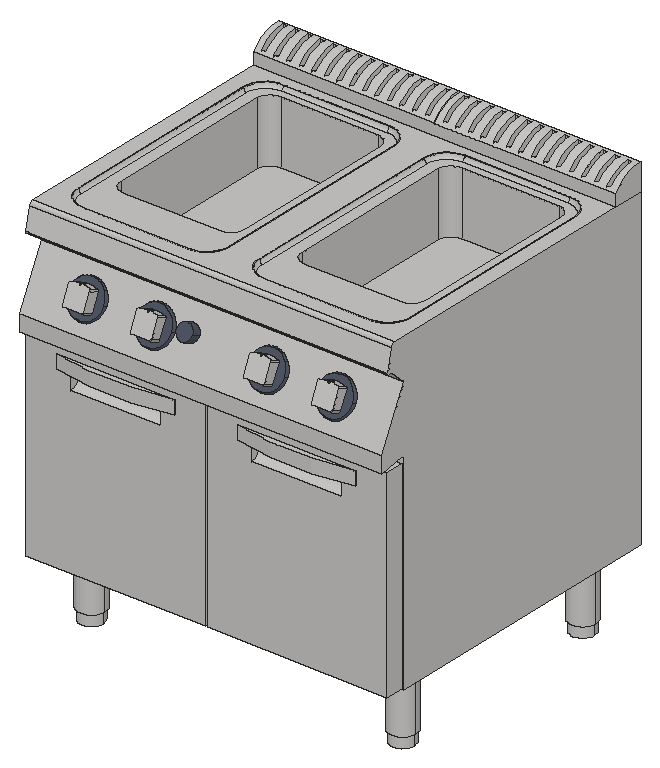
Revit family "QF_ZANUSSI_372351_Z7OOBSBAME", category Specialty Equipment, Revit 2018
Family settings
  Round Connector Dimension = Use Diameter
  Part Type = Normal
  Work Plane-Based = No
  Always vertical = Yes
  Cut with Voids When Loaded = No
  Shared = No
  Room Calculation Point = No
Parameters
  Width = 800 mm  # constant formula
  Weight in Pounds = 110  # constant formula
  Weight = 0.00 kg
  Watts = 0 W
  Waste Water Discharge Temperature [instance] = -459.67 °F
  Volts = 0 V
  URL Manufacturer = "http://www.zanussiprofessional.com"
  URL Cutsheet = "www.electrolux.com/foodservice"
  URL = "http://www.zanussiprofessional.com"
  Type Mark [instance] = ""
  Steam Supply Size = 0"
  Steam Supply Minimum Pressure = 0.00 psi
  Steam Supply Maximum Pressure = 0.00 psi
  Steam Pounds per Hour = 0
  Status [instance] = ""
  Specification by User [instance] = ""
  Specification by Manufacturer = ""
  Show Logo [instance] = yes
  Show Clearance [instance] = yes
  Serial Number = ""
  Seismic Rating = ""
  SMACNA No = ""
  Revision Code [instance] = ""
  Refrigeration Suction Line Size = 0"
  Refrigeration Liquid Line Size = 0"
  Refrigerant Compressor Remote = yes
  Plumbing Remarks [instance] = ""
  Plumbing Connection Type [instance] = ""
  Phase = 0
  Omniclass Number and Title = ""
  NAFEM Spec ID Number = ""
  Model = "Z7PCGH2KF0"
  Mechanical Remarks [instance] = ""
  Mechanical Connection Type [instance] = ""
  Masterspec = ""
  Manufacturer = "Zanussi"
  Length Actual = 800 mm  # constant formula
  Item Number [instance] = "372091"
  Installed By [instance] = ""
  Indirect Waste Size = 1"  # constant formula
  Indirect Waste Flow [instance] = 0 GPM
  Indirect Waste Connection Type [instance] = ""
  Indirect Waste Connection Height = 0 mm
  Identify Quantity as Lot [instance] = yes
  Hot Water Size = 0"
  Height Actual = 850 mm  # constant formula
  Height = 333 mm  # constant formula
  HP = "0 HP"
  Gas Size = 1/2"  # constant formula
  Gas RI Height [instance] = 0 mm
  Gas KW [instance] = 21  # constant formula
  Gas Input [instance] = 71589.0 Btu/h  # constant formula
  Gas Connection Height = 0 mm
  Furnished By [instance] = ""
  Foodservice Equipment Identifier [instance] = yes
  Direct Waste Size = 1"
  Description = "2-WELL GAS PASTA COOKER 2X24,5 LT 800 MM"
  Depth Actual = 700 mm  # constant formula
  Depth = 715 mm  # constant formula
  Cycle = 0 Hz
  Condensate Return Size = 0"
  Compressed Air Volume = 0 GPM
  Compressed Air Size = 0"
  Compressed Air Pressure = 0.00 psi
  Cold Water Temperature Recommended [instance] = -459.67 °F
  Cold Water Size = 1/2"  # constant formula
  Cold Water RI Height [instance] = 0 mm
  Cold Water Minimum Pressure [instance] = 0.00 psi
  Cold Water Maximum Pressure [instance] = 0.00 psi
  Cold Water Flow [instance] = 0 GPM
  Cold Water Consumption [instance] = ""
  Cold Water Connection Height = 0 mm
  CSI MasterFormat = ""
  CSI Master Format = ""
  Base Height [instance] = 150 mm  # constant formula
  Accessory = yes
Reference planes
  plane 1 "BACK": y = 0
  plane 2: z = 0
  plane 3 "LEFT": x = 0
  plane 4 "RIGHT": x = 800
  plane 5 "FRONT": y = -715
  plane 6 "TOP": z = 908
  plane 7 "Center Y": x = 400
  plane 8 "Center X": y = -357.5
  plane 9 "BASE": z = 600
  plane 10 "TOP A": z = 850
  plane 11: y = -597.884
  plane 12: y = -147.637
  plane 13: z = 938
  plane 14: z = 150
Forms (mm)
  Extrusion 1, solid, material "QF_Finishes_Stainless Steel"
    sketch origin (0, 0, 0) x (0, 1, 0) y (0, 0, 1)
      loop
        line (0, 850) -> (-679.358, 850)
        arc (-679.358, 850) -> (-684.643, 847.811) -> (-686.833, 842.526) r 7.474
        line (-686.833, 842.526) -> (-699.884, 797.011)
        arc (-699.884, 797.011) -> (-699.396, 794.379) -> (-697, 793.184) r 3
        line (-697, 793.184) -> (-686.802, 793.184) -> (-654.982, 761.364) -> (-715, 640.508) -> (-715, 605.508) -> (-658.645, 613.428)
        arc (-658.645, 613.428) -> (-656.101, 612.674) -> (-655, 610.259) r 3.2
        line (-655, 610.259) -> (-655, 150) -> (0, 150) -> (0, 850)
      loop
        line (-700, 600) -> (-700, 155) -> (-660, 155) -> (-660, 600) -> (-700, 600)
    from 0 to 800
  Extrusion 2, solid, material "QF_Finishes_Stainless Steel"
    sketch origin (0, 0, 0) x (0, 1, 0) y (0, 0, 1)
      loop
        line (0, 850) -> (0, 908)
        arc (0, 908) -> (-38.715, 899.821) -> (-69.85, 875.4) r 87.358
        line (-69.85, 875.4) -> (-69.85, 850) -> (0, 850)
    from 0 to 800
  Extrusion 3, void
    sketch origin (0, 0, 850) x (-1, 0, 0) y (0, -1, 0)
      loop
        arc (-316.662, 645.265) -> (-352.018, 630.62) -> (-366.662, 595.265) r 50
        line (-366.662, 595.265) -> (-366.662, 140.124)
        arc (-366.662, 140.124) -> (-352.018, 104.769) -> (-316.662, 90.124) r 50
        line (-316.662, 90.124) -> (-83.338, 90.124)
        arc (-83.338, 90.124) -> (-47.982, 104.769) -> (-33.338, 140.124) r 50
        line (-33.338, 140.124) -> (-33.338, 595.265)
        arc (-33.338, 595.265) -> (-47.982, 630.62) -> (-83.338, 645.265) r 50
        line (-83.338, 645.265) -> (-316.662, 645.265)
      loop
        line (-483.337, 645.265) -> (-716.662, 645.265)
        arc (-716.662, 645.265) -> (-752.018, 630.62) -> (-766.662, 595.265) r 50
        line (-766.662, 595.265) -> (-766.662, 140.124)
        arc (-766.662, 140.124) -> (-752.018, 104.769) -> (-716.662, 90.124) r 50
        line (-716.662, 90.124) -> (-483.337, 90.124)
        arc (-483.337, 90.124) -> (-447.982, 104.769) -> (-433.337, 140.124) r 50
        line (-433.337, 140.124) -> (-433.337, 595.265)
        arc (-433.337, 595.265) -> (-447.982, 630.62) -> (-483.337, 645.265) r 50
    from 0 to -152.4
  Extrusion 4, void
    sketch origin (0, 0, 850) x (-1, 0, 0) y (0, -1, 0)
      loop
        line (-13.453, 6.761) -> (-13.453, 63.911) -> (-22.749, 63.911) -> (-22.749, 6.761) -> (-13.453, 6.761)
    from 25.4 to 63.5
  Extrusion 5, solid, material "QF_Finishes_Clearance", visible <- "Show Clearance", detail levels coarse
    sketch origin (0, 0, 0) x (1, 0, 0) y (0, 1, 0)
      loop
        line (0, -715) -> (0, 0) -> (800, 0) -> (800, -715) -> (950.019, -715) -> (950.019, 150.019) -> (-150.019, 150.019) -> (-150.019, -715) -> (0, -715)
    from 0 to 908
  Extrusion 6, void
    sketch origin (361.95, 0, 850) x (-1, 0, 0) y (0, -1, 0)
      loop
        line (-13.403, 6.761) -> (-13.403, 63.911) -> (-22.699, 63.911) -> (-22.699, 6.761) -> (-13.403, 6.761)
    from 25.4 to 63.5
  Extrusion 7, void
    sketch origin (27.842, 0, 850) x (-1, 0, 0) y (0, -1, 0)
      loop
        line (-13.453, 6.761) -> (-13.453, 63.911) -> (-22.749, 63.911) -> (-22.749, 6.761) -> (-13.453, 6.761)
    from 25.4 to 63.5
  Extrusion 8, void
    sketch origin (55.685, 0, 850) x (-1, 0, 0) y (0, -1, 0)
      loop
        line (-13.453, 6.761) -> (-13.453, 63.911) -> (-22.749, 63.911) -> (-22.749, 6.761) -> (-13.453, 6.761)
    from 25.4 to 63.5
  Extrusion 9, void
    sketch origin (83.527, 0, 850) x (-1, 0, 0) y (0, -1, 0)
      loop
        line (-13.453, 6.761) -> (-13.453, 63.911) -> (-22.749, 63.911) -> (-22.749, 6.761) -> (-13.453, 6.761)
    from 25.4 to 63.5
  Extrusion 10, void
    sketch origin (111.369, 0, 850) x (-1, 0, 0) y (0, -1, 0)
      loop
        line (-13.453, 6.761) -> (-13.453, 63.911) -> (-22.749, 63.911) -> (-22.749, 6.761) -> (-13.453, 6.761)
    from 25.4 to 63.5
  Extrusion 11, void
    sketch origin (139.212, 0, 850) x (-1, 0, 0) y (0, -1, 0)
      loop
        line (-13.453, 6.761) -> (-13.453, 63.911) -> (-22.749, 63.911) -> (-22.749, 6.761) -> (-13.453, 6.761)
    from 25.4 to 63.5
  Extrusion 12, void
    sketch origin (167.054, 0, 850) x (-1, 0, 0) y (0, -1, 0)
      loop
        line (-13.453, 6.761) -> (-13.453, 63.911) -> (-22.749, 63.911) -> (-22.749, 6.761) -> (-13.453, 6.761)
    from 25.4 to 63.5
  Extrusion 13, void
    sketch origin (194.896, 0, 850) x (-1, 0, 0) y (0, -1, 0)
      loop
        line (-13.403, 6.761) -> (-13.403, 63.911) -> (-22.699, 63.911) -> (-22.699, 6.761) -> (-13.403, 6.761)
    from 25.4 to 63.5
  Extrusion 14, void
    sketch origin (222.738, 0, 850) x (-1, 0, 0) y (0, -1, 0)
      loop
        line (-13.403, 6.761) -> (-13.403, 63.911) -> (-22.699, 63.911) -> (-22.699, 6.761) -> (-13.403, 6.761)
    from 25.4 to 63.5
  Extrusion 15, void
    sketch origin (250.581, 0, 850) x (-1, 0, 0) y (0, -1, 0)
      loop
        line (-13.403, 6.761) -> (-13.403, 63.911) -> (-22.699, 63.911) -> (-22.699, 6.761) -> (-13.403, 6.761)
    from 25.4 to 63.5
  Extrusion 16, void
    sketch origin (278.423, 0, 850) x (-1, 0, 0) y (0, -1, 0)
      loop
        line (-13.403, 6.761) -> (-13.403, 63.911) -> (-22.699, 63.911) -> (-22.699, 6.761) -> (-13.403, 6.761)
    from 25.4 to 63.5
  Extrusion 17, void
    sketch origin (306.265, 0, 850) x (-1, 0, 0) y (0, -1, 0)
      loop
        line (-13.403, 6.761) -> (-13.403, 63.911) -> (-22.699, 63.911) -> (-22.699, 6.761) -> (-13.403, 6.761)
    from 25.4 to 63.5
  Extrusion 18, void
    sketch origin (334.108, 0, 850) x (-1, 0, 0) y (0, -1, 0)
      loop
        line (-13.403, 6.761) -> (-13.403, 63.911) -> (-22.699, 63.911) -> (-22.699, 6.761) -> (-13.403, 6.761)
    from 25.4 to 63.5
  Extrusion 19, void
    sketch origin (800.1, 0, 850) x (1, 0, 0) y (0, 1, 0)
      loop
        line (-13.553, -6.761) -> (-22.849, -6.761) -> (-22.849, -63.911) -> (-13.553, -63.911) -> (-13.553, -6.761)
    from 25.4 to 63.5
  Extrusion 20, void
    sketch origin (438.15, 0, 850) x (1, 0, 0) y (0, 1, 0)
      loop
        line (-13.503, -6.761) -> (-22.799, -6.761) -> (-22.799, -63.911) -> (-13.503, -63.911) -> (-13.503, -6.761)
    from 25.4 to 63.5
  Extrusion 21, void
    sketch origin (772.258, 0, 850) x (1, 0, 0) y (0, 1, 0)
      loop
        line (-13.553, -6.761) -> (-22.849, -6.761) -> (-22.849, -63.911) -> (-13.553, -63.911) -> (-13.553, -6.761)
    from 25.4 to 63.5
  Extrusion 22, void
    sketch origin (744.415, 0, 850) x (1, 0, 0) y (0, 1, 0)
      loop
        line (-13.553, -6.761) -> (-22.849, -6.761) -> (-22.849, -63.911) -> (-13.553, -63.911) -> (-13.553, -6.761)
    from 25.4 to 63.5
  Extrusion 23, void
    sketch origin (716.573, 0, 850) x (1, 0, 0) y (0, 1, 0)
      loop
        line (-13.553, -6.761) -> (-22.849, -6.761) -> (-22.849, -63.911) -> (-13.553, -63.911) -> (-13.553, -6.761)
    from 25.4 to 63.5
  Extrusion 24, void
    sketch origin (688.731, 0, 850) x (1, 0, 0) y (0, 1, 0)
      loop
        line (-13.553, -6.761) -> (-22.849, -6.761) -> (-22.849, -63.911) -> (-13.553, -63.911) -> (-13.553, -6.761)
    from 25.4 to 63.5
  Extrusion 25, void
    sketch origin (660.888, 0, 850) x (1, 0, 0) y (0, 1, 0)
      loop
        line (-13.553, -6.761) -> (-22.849, -6.761) -> (-22.849, -63.911) -> (-13.553, -63.911) -> (-13.553, -6.761)
    from 25.4 to 63.5
  Extrusion 26, void
    sketch origin (633.046, 0, 850) x (1, 0, 0) y (0, 1, 0)
      loop
        line (-13.553, -6.761) -> (-22.849, -6.761) -> (-22.849, -63.911) -> (-13.553, -63.911) -> (-13.553, -6.761)
    from 25.4 to 63.5
  Extrusion 27, void
    sketch origin (605.204, 0, 850) x (1, 0, 0) y (0, 1, 0)
      loop
        line (-13.503, -6.761) -> (-22.799, -6.761) -> (-22.799, -63.911) -> (-13.503, -63.911) -> (-13.503, -6.761)
    from 25.4 to 63.5
  Extrusion 28, void
    sketch origin (577.362, 0, 850) x (1, 0, 0) y (0, 1, 0)
      loop
        line (-13.503, -6.761) -> (-22.799, -6.761) -> (-22.799, -63.911) -> (-13.503, -63.911) -> (-13.503, -6.761)
    from 25.4 to 63.5
  Extrusion 29, void
    sketch origin (549.519, 0, 850) x (1, 0, 0) y (0, 1, 0)
      loop
        line (-13.503, -6.761) -> (-22.799, -6.761) -> (-22.799, -63.911) -> (-13.503, -63.911) -> (-13.503, -6.761)
    from 25.4 to 63.5
  Extrusion 30, void
    sketch origin (521.677, 0, 850) x (1, 0, 0) y (0, 1, 0)
      loop
        line (-13.503, -6.761) -> (-22.799, -6.761) -> (-22.799, -63.911) -> (-13.503, -63.911) -> (-13.503, -6.761)
    from 25.4 to 63.5
  Extrusion 31, void
    sketch origin (493.835, 0, 850) x (1, 0, 0) y (0, 1, 0)
      loop
        line (-13.503, -6.761) -> (-22.799, -6.761) -> (-22.799, -63.911) -> (-13.503, -63.911) -> (-13.503, -6.761)
    from 25.4 to 63.5
  Extrusion 32, void
    sketch origin (465.992, 0, 850) x (1, 0, 0) y (0, 1, 0)
      loop
        line (-13.503, -6.761) -> (-22.799, -6.761) -> (-22.799, -63.911) -> (-13.503, -63.911) -> (-13.503, -6.761)
    from 25.4 to 63.5
  Extrusion 33, void
    sketch origin (418.151, 0, 850) x (1, 0, 0) y (0, 1, 0)
      loop
        line (-16.563, 0) -> (-19.738, 0) -> (-19.738, -69.85) -> (-16.563, -69.85) -> (-16.563, 0)
    from 25.4 to 63.5
  Revolve 34, solid, material "QF_Finishes_Stainless Steel"
    sketch origin (0, -587.387, 608.09) x (0, 0, 1) y (-1, 0, 0)
      loop
        line (-608.09, -56) -> (-458.09, -56) -> (-458.09, -26) -> (-583.09, -26) -> (-583.09, -29.75) -> (-608.09, -29.75) -> (-608.09, -56)
      axis (-608.09, -56) -> (-458.09, -56)
    angle from 0 to 360
  Revolve 35, solid, material "QF_Finishes_Stainless Steel"
    sketch origin (0, -90, 608.09) x (0, 0, 1) y (-1, 0, 0)
      loop
        line (-608.09, -56) -> (-458.09, -56) -> (-458.09, -26) -> (-583.09, -26) -> (-583.09, -29.75) -> (-608.09, -29.75) -> (-608.09, -56)
      axis (-608.09, -56) -> (-458.09, -56)
    angle from 0 to 360
  Revolve 36, solid, material "QF_Finishes_Stainless Steel"
    sketch origin (800.1, -587.387, 608.09) x (0, 0, 1) y (-1, 0, 0)
      loop
        line (-608.09, 56.1) -> (-608.09, 29.85) -> (-583.09, 29.85) -> (-583.09, 26.1) -> (-458.09, 26.1) -> (-458.09, 56.1) -> (-608.09, 56.1)
      axis (-608.09, 56.1) -> (-458.09, 56.1)
    angle from 0 to 360
  Revolve 37, solid, material "QF_Finishes_Stainless Steel"
    sketch origin (800.1, -90, 608.09) x (0, 0, 1) y (-1, 0, 0)
      loop
        line (-608.09, 56.1) -> (-608.09, 29.85) -> (-583.09, 29.85) -> (-583.09, 26.1) -> (-458.09, 26.1) -> (-458.09, 56.1) -> (-608.09, 56.1)
      axis (-608.09, 56.1) -> (-458.09, 56.1)
    angle from 0 to 360
  Extrusion 38, solid, material "QF_Finishes_Stainless Steel"
    sketch origin (-77.88, -4572, 150) x (-1, 0, 0) y (0, -1, 0)
      loop
        circle (-142.88, -4069) r 6.35
      loop
        circle (-709.88, -3991) r 12.7
      loop
        circle (-812.88, -4071) r 6.35
      loop
        circle (-309.88, -3991) r 12.7
    from 0 to -12.7
  Extrusion 39, solid, material "QF_Finishes_Stainless Steel"
    sketch origin (-77.88, -4572, 850) x (-1, 0, 0) y (0, -1, 0)
      loop
        line (-111.217, -4431.876) -> (-111.217, -3976.735)
        arc (-111.217, -3976.735) -> (-125.862, -3941.38) -> (-161.217, -3926.735) r 50
        line (-161.217, -3926.735) -> (-394.542, -3926.735)
        arc (-394.542, -3926.735) -> (-429.897, -3941.38) -> (-444.542, -3976.735) r 50
        line (-444.542, -3976.735) -> (-444.542, -4431.876)
        arc (-444.542, -4431.876) -> (-429.897, -4467.231) -> (-394.542, -4481.876) r 50
        line (-394.542, -4481.876) -> (-161.217, -4481.876)
        arc (-161.217, -4481.876) -> (-125.862, -4467.231) -> (-111.217, -4431.876) r 50
      loop
        arc (-414.542, -4431.876) -> (-405.755, -4453.089) -> (-384.542, -4461.876) r 30
        line (-384.542, -4461.876) -> (-171.217, -4461.876)
        arc (-171.217, -4461.876) -> (-150.004, -4453.089) -> (-141.217, -4431.876) r 30
        line (-141.217, -4431.876) -> (-141.217, -4056.735)
        arc (-141.217, -4056.735) -> (-150.004, -4035.522) -> (-171.217, -4026.735) r 30
        line (-171.217, -4026.735) -> (-384.542, -4026.735)
        arc (-384.542, -4026.735) -> (-405.755, -4035.522) -> (-414.542, -4056.735) r 30
        line (-414.542, -4056.735) -> (-414.542, -4431.876)
      loop
        arc (-844.542, -4431.876) -> (-829.897, -4467.231) -> (-794.542, -4481.876) r 50
        line (-794.542, -4481.876) -> (-561.217, -4481.876)
        arc (-561.217, -4481.876) -> (-525.862, -4467.231) -> (-511.217, -4431.876) r 50
        line (-511.217, -4431.876) -> (-511.217, -3976.735)
        arc (-511.217, -3976.735) -> (-525.862, -3941.38) -> (-561.217, -3926.735) r 50
        line (-561.217, -3926.735) -> (-794.542, -3926.735)
        arc (-794.542, -3926.735) -> (-829.897, -3941.38) -> (-844.542, -3976.735) r 50
        line (-844.542, -3976.735) -> (-844.542, -4431.876)
      loop
        line (-541.217, -4431.876) -> (-541.217, -4056.735)
        arc (-541.217, -4056.735) -> (-550.004, -4035.522) -> (-571.217, -4026.735) r 30
        line (-571.217, -4026.735) -> (-784.542, -4026.735)
        arc (-784.542, -4026.735) -> (-805.755, -4035.522) -> (-814.542, -4056.735) r 30
        line (-814.542, -4056.735) -> (-814.542, -4431.876)
        arc (-814.542, -4431.876) -> (-805.755, -4453.089) -> (-784.542, -4461.876) r 30
        line (-784.542, -4461.876) -> (-571.217, -4461.876)
        arc (-571.217, -4461.876) -> (-550.004, -4453.089) -> (-541.217, -4431.876) r 30
    from -12.7 to -152.4
  Sweep 40, solid, material "QF_Finishes_Stainless Steel"
    path origin (-77.88, -4572, 850) x (-1, 0, 0) y (0, -1, 0)
      loop
        line (-111.217, -4431.876) -> (-111.217, -3976.735)
        arc (-111.217, -3976.735) -> (-125.862, -3941.38) -> (-161.217, -3926.735) r 50
        line (-161.217, -3926.735) -> (-394.542, -3926.735)
        arc (-394.542, -3926.735) -> (-429.897, -3941.38) -> (-444.542, -3976.735) r 50
        line (-444.542, -3976.735) -> (-444.542, -4431.876)
        arc (-444.542, -4431.876) -> (-429.897, -4467.231) -> (-394.542, -4481.876) r 50
        line (-394.542, -4481.876) -> (-161.217, -4481.876)
        arc (-161.217, -4481.876) -> (-125.862, -4467.231) -> (-111.217, -4431.876) r 50
    profile origin (33.338, -367.694, 850) x (1, 0, 0) y (0, 0, 1)
      loop
        line (0, 0) -> (0, -10.84) -> (5.055, -10.84)
        arc (5.055, -10.84) -> (1.326, -5.98) -> (0, 0) r 14.151
  Sweep 41, solid, material "QF_Finishes_Stainless Steel"
    path origin (877.98, -4572, 850) x (1, 0, 0) y (0, 1, 0)
      loop
        arc (-111.317, 4431.876) -> (-125.962, 4467.231) -> (-161.317, 4481.876) r 50
        line (-161.317, 4481.876) -> (-394.642, 4481.876)
        arc (-394.642, 4481.876) -> (-429.997, 4467.231) -> (-444.642, 4431.876) r 50
        line (-444.642, 4431.876) -> (-444.642, 3976.735)
        arc (-444.642, 3976.735) -> (-429.997, 3941.38) -> (-394.642, 3926.735) r 50
        line (-394.642, 3926.735) -> (-161.317, 3926.735)
        arc (-161.317, 3926.735) -> (-125.962, 3941.38) -> (-111.317, 3976.735) r 50
        line (-111.317, 3976.735) -> (-111.317, 4431.876)
    profile origin (766.662, -367.694, 850) x (1, 0, 0) y (0, 0, 1)
      loop
        arc (0, 0) -> (-1.326, -5.98) -> (-5.055, -10.84) r 14.151
        line (-5.055, -10.84) -> (0, -10.84) -> (0, 0)
  Extrusion 42, void
    sketch origin (200, -27.863, 0) x (0, 1, 0) y (0, 0, 1)
      loop
        line (-672.137, 567) -> (-672.137, 517)
        arc (-672.137, 517) -> (-656.47, 524.721) -> (-650.137, 541) r 24.091
        line (-650.137, 541) -> (-650.137, 567) -> (-672.137, 567)
    from -100 to 100
  Extrusion 43, solid, material "QF_Finishes_Stainless Steel"
    sketch origin (-77.88, -4572, 150) x (-1, 0, 0) y (0, -1, 0)
      loop
        arc (-147.606, -3871.085) -> (-277.88, -3857) -> (-408.153, -3871.085) r 609.497
        line (-408.153, -3871.085) -> (-408.153, -3872) -> (-147.606, -3872) -> (-147.606, -3871.085)
    from 400 to 430
  Extrusion 44, void
    sketch origin (600, -27.863, 0) x (0, 1, 0) y (0, 0, 1)
      loop
        line (-672.137, 567) -> (-672.137, 517)
        arc (-672.137, 517) -> (-656.47, 524.721) -> (-650.137, 541) r 24.091
        line (-650.137, 541) -> (-650.137, 567) -> (-672.137, 567)
    from -100 to 100
  Extrusion 45, solid, material "QF_Finishes_Stainless Steel"
    sketch origin (322.12, -4572, 150) x (-1, 0, 0) y (0, -1, 0)
      loop
        arc (-147.606, -3871.085) -> (-277.88, -3857) -> (-408.153, -3871.085) r 609.497
        line (-408.153, -3871.085) -> (-408.153, -3872) -> (-147.606, -3872) -> (-147.606, -3871.085)
    from 400 to 430
  Extrusion 46, solid, material "QF_Finishes_Door Clearance", visible <- "Show Clearance", detail levels coarse
    sketch origin (0, 0, 850) x (-1, 0, 0) y (0, -1, 0)
      loop
        arc (0, 1073) -> (-280.596, 964.46) -> (-397.87, 687.4) r 385.701
        line (-397.87, 687.4) -> (0, 687.4) -> (0, 1073)
      loop
        line (-800, 1073) -> (-800, 687.4) -> (-402.13, 687.4)
        arc (-402.13, 687.4) -> (-519.404, 964.46) -> (-800, 1073) r 385.701
    from -695 to -250
  Extrusion 47, solid, material "QF_Plastic-Black-Matte"
    sketch origin (467.5, -684.991, 700.936) x (0, 0.444781, 0.895639) y (0, 0.895639, -0.444781)
      loop
        line (26.984, -34) -> (23.984, -34) -> (23.984, -35) -> (26.984, -35)
        arc (26.984, -35) -> (27.691, -34.707) -> (27.984, -34) r 1
        line (27.984, -34) -> (27.984, -19) -> (26.984, -19) -> (26.984, -34)
    from -58.5 to -56.5
  Extrusion 48, solid, material "QF_Finishes_Stainless Steel"
    sketch origin (525, -684.991, 700.936) x (-1, 0, 0) y (0, -0.444781, -0.895639)
      loop
        line (17.5, -17.5) -> (17.5, 17.5) -> (-17.5, 17.5) -> (-17.5, -17.5) -> (17.5, -17.5)
    from 5 to 10
  Extrusion 49, solid, material "QF_Finishes_Stainless Steel"
    sketch origin (525, -684.991, 700.936) x (-1, 0, 0) y (0, -0.444781, -0.895639)
      loop
        arc (-21.147, -22.789) -> (0, -26.984) -> (21.147, -22.789) r 55.4
        arc (21.147, -22.789) -> (22.494, -21.685) -> (23, -20.019) r 2.997
        line (23, -20.019) -> (23, 20.019)
        arc (23, 20.019) -> (22.122, 22.138) -> (20.003, 23.016) r 2.997
        line (20.003, 23.016) -> (-20.003, 23.016)
        arc (-20.003, 23.016) -> (-22.122, 22.138) -> (-23, 20.019) r 2.997
        line (-23, 20.019) -> (-23, -20.019)
        arc (-23, -20.019) -> (-22.494, -21.685) -> (-21.147, -22.789) r 2.997
    from 10 to 34
  Blend 50, solid, material "QF_Finishes_Navy Blue"
    base sketch origin (525, -684.991, 700.936) x (1, 0, 0) y (0, 0.444781, 0.895639)
      loop
        circle (0, 0) r 42.5
    top sketch origin (525, -684.991, 700.936) x (1, 0, 0) y (0, 0.444781, 0.895639)
      loop
        circle (0, 0) r 40.5
    from 0 to 5
  Extrusion 51, solid, material "QF_Finishes_Navy Blue"
    sketch origin (407.51, -679.639, 711.713) x (1, 0, 0) y (0, 0.444781, 0.895639)
      loop
        circle (-55.001, 0) r 18
    from 3 to 23
  Extrusion 52, solid, material "QF_Finishes_Stainless Steel"
    sketch origin (268.509, -679.639, 711.713) x (1, 0, 0) y (0, 0.444781, 0.895639)
      loop
        circle (84, 0) r 15
    from 3 to 0
  Extrusion 53, solid, material "QF_Plastic-Black-Matte"
    sketch origin (617.5, -684.991, 700.936) x (0, 0.444781, 0.895639) y (0, 0.895639, -0.444781)
      loop
        line (26.984, -34) -> (23.984, -34) -> (23.984, -35) -> (26.984, -35)
        arc (26.984, -35) -> (27.691, -34.707) -> (27.984, -34) r 1
        line (27.984, -34) -> (27.984, -19) -> (26.984, -19) -> (26.984, -34)
    from -58.5 to -56.5
  Extrusion 54, solid, material "QF_Finishes_Stainless Steel"
    sketch origin (675, -684.991, 700.936) x (-1, 0, 0) y (0, -0.444781, -0.895639)
      loop
        line (17.5, -17.5) -> (17.5, 17.5) -> (-17.5, 17.5) -> (-17.5, -17.5) -> (17.5, -17.5)
    from 5 to 10
  Extrusion 55, solid, material "QF_Finishes_Stainless Steel"
    sketch origin (675, -684.991, 700.936) x (-1, 0, 0) y (0, -0.444781, -0.895639)
      loop
        arc (-21.147, -22.789) -> (0, -26.984) -> (21.147, -22.789) r 55.4
        arc (21.147, -22.789) -> (22.494, -21.685) -> (23, -20.019) r 2.997
        line (23, -20.019) -> (23, 20.019)
        arc (23, 20.019) -> (22.122, 22.138) -> (20.003, 23.016) r 2.997
        line (20.003, 23.016) -> (-20.003, 23.016)
        arc (-20.003, 23.016) -> (-22.122, 22.138) -> (-23, 20.019) r 2.997
        line (-23, 20.019) -> (-23, -20.019)
        arc (-23, -20.019) -> (-22.494, -21.685) -> (-21.147, -22.789) r 2.997
    from 10 to 34
  Blend 56, solid, material "QF_Finishes_Navy Blue"
    base sketch origin (675, -684.991, 700.936) x (1, 0, 0) y (0, 0.444781, 0.895639)
      loop
        circle (0, 0) r 42.5
    top sketch origin (675, -684.991, 700.936) x (1, 0, 0) y (0, 0.444781, 0.895639)
      loop
        circle (0, 0) r 40.5
    from 0 to 5
  Extrusion 57, solid, material "QF_Plastic-Black-Matte"
    sketch origin (67.5, -684.991, 700.936) x (0, 0.444781, 0.895639) y (0, 0.895639, -0.444781)
      loop
        line (26.984, -34) -> (23.984, -34) -> (23.984, -35) -> (26.984, -35)
        arc (26.984, -35) -> (27.691, -34.707) -> (27.984, -34) r 1
        line (27.984, -34) -> (27.984, -19) -> (26.984, -19) -> (26.984, -34)
    from -58.5 to -56.5
  Extrusion 58, solid, material "QF_Finishes_Stainless Steel"
    sketch origin (125, -684.991, 700.936) x (-1, 0, 0) y (0, -0.444781, -0.895639)
      loop
        line (17.5, -17.5) -> (17.5, 17.5) -> (-17.5, 17.5) -> (-17.5, -17.5) -> (17.5, -17.5)
    from 5 to 10
  Extrusion 59, solid, material "QF_Finishes_Stainless Steel"
    sketch origin (125, -684.991, 700.936) x (-1, 0, 0) y (0, -0.444781, -0.895639)
      loop
        arc (-21.147, -22.789) -> (0, -26.984) -> (21.147, -22.789) r 55.4
        arc (21.147, -22.789) -> (22.494, -21.685) -> (23, -20.019) r 2.997
        line (23, -20.019) -> (23, 20.019)
        arc (23, 20.019) -> (22.122, 22.138) -> (20.003, 23.016) r 2.997
        line (20.003, 23.016) -> (-20.003, 23.016)
        arc (-20.003, 23.016) -> (-22.122, 22.138) -> (-23, 20.019) r 2.997
        line (-23, 20.019) -> (-23, -20.019)
        arc (-23, -20.019) -> (-22.494, -21.685) -> (-21.147, -22.789) r 2.997
    from 10 to 34
  Blend 60, solid, material "QF_Finishes_Navy Blue"
    base sketch origin (125, -684.991, 700.936) x (1, 0, 0) y (0, 0.444781, 0.895639)
      loop
        circle (0, 0) r 42.5
    top sketch origin (125, -684.991, 700.936) x (1, 0, 0) y (0, 0.444781, 0.895639)
      loop
        circle (0, 0) r 40.5
    from 0 to 5
  Extrusion 61, solid, material "QF_Plastic-Black-Matte"
    sketch origin (217.5, -684.991, 700.936) x (0, 0.444781, 0.895639) y (0, 0.895639, -0.444781)
      loop
        line (26.984, -34) -> (23.984, -34) -> (23.984, -35) -> (26.984, -35)
        arc (26.984, -35) -> (27.691, -34.707) -> (27.984, -34) r 1
        line (27.984, -34) -> (27.984, -19) -> (26.984, -19) -> (26.984, -34)
    from -58.5 to -56.5
  Extrusion 62, solid, material "QF_Finishes_Stainless Steel"
    sketch origin (275, -684.991, 700.936) x (-1, 0, 0) y (0, -0.444781, -0.895639)
      loop
        line (17.5, -17.5) -> (17.5, 17.5) -> (-17.5, 17.5) -> (-17.5, -17.5) -> (17.5, -17.5)
    from 5 to 10
  Extrusion 63, solid, material "QF_Finishes_Stainless Steel"
    sketch origin (275, -684.991, 700.936) x (-1, 0, 0) y (0, -0.444781, -0.895639)
      loop
        arc (-21.147, -22.789) -> (0, -26.984) -> (21.147, -22.789) r 55.4
        arc (21.147, -22.789) -> (22.494, -21.685) -> (23, -20.019) r 2.997
        line (23, -20.019) -> (23, 20.019)
        arc (23, 20.019) -> (22.122, 22.138) -> (20.003, 23.016) r 2.997
        line (20.003, 23.016) -> (-20.003, 23.016)
        arc (-20.003, 23.016) -> (-22.122, 22.138) -> (-23, 20.019) r 2.997
        line (-23, 20.019) -> (-23, -20.019)
        arc (-23, -20.019) -> (-22.494, -21.685) -> (-21.147, -22.789) r 2.997
    from 10 to 34
  Blend 64, solid, material "QF_Finishes_Navy Blue"
    base sketch origin (275, -684.991, 700.936) x (1, 0, 0) y (0, 0.444781, 0.895639)
      loop
        circle (0, 0) r 42.5
    top sketch origin (275, -684.991, 700.936) x (1, 0, 0) y (0, 0.444781, 0.895639)
      loop
        circle (0, 0) r 40.5
    from 0 to 5
  Extrusion 65, void
    sketch origin (0, -660.4, 150) x (0, 0, 1) y (-1, 0, 0)
      loop
        line (450, -397.87) -> (5, -397.87) -> (5, -402.13) -> (450, -402.13) -> (450, -397.87)
    from 39.6 to -0.4
Cuts and joins
  Extrusion 3, Extrusion 4, Extrusion 42, Extrusion 44, Extrusion 65 cuts Extrusion 1
  Extrusion 4, Extrusion 6, Extrusion 7, Extrusion 8, Extrusion 9, Extrusion 10, Extrusion 11, Extrusion 12, Extrusion 13, Extrusion 14, Extrusion 15, Extrusion 16, Extrusion 17, Extrusion 18, Extrusion 19, Extrusion 20, Extrusion 21, Extrusion 22, Extrusion 23, Extrusion 24, Extrusion 25, Extrusion 26, Extrusion 27, Extrusion 28, Extrusion 29, Extrusion 30, Extrusion 31, Extrusion 32, Extrusion 33 cuts Extrusion 2
  Extrusion 6, Extrusion 7, Extrusion 8, Extrusion 9, Extrusion 10, Extrusion 11, Extrusion 12, Extrusion 13, Extrusion 14, Extrusion 15, Extrusion 16, Extrusion 17, Extrusion 18, Extrusion 19, Extrusion 20, Extrusion 21, Extrusion 22, Extrusion 23, Extrusion 24, Extrusion 25, Extrusion 26, Extrusion 27, Extrusion 28, Extrusion 29, Extrusion 30, Extrusion 31, Extrusion 32, Extrusion 33 cuts Extrusion 5
  Extrusion 65 cuts Extrusion 46
Lines and regions (mm)
  Split face 1
    outline origin (525, -689.469, 703.16) x (1, 0, 0) y (0, 0.444781, 0.895639)
      loop
        circle (0, 34.714) r 1.714
  Split face 2
    outline origin (525, -689.469, 703.16) x (1, 0, 0) y (0, 0.444781, 0.895639)
      loop
        circle (-17.357, 30.063) r 2
  Split face 3
    outline origin (525, -689.469, 703.16) x (1, 0, 0) y (0, 0.444781, 0.895639)
      loop
        circle (17.357, 30.063) r 2
  Split face 4
    outline origin (525, -689.469, 703.16) x (1, 0, 0) y (0, 0.444781, 0.895639)
      loop
        line (-23.985, -28.584) -> (-20.542, -24.481)
        arc (-20.542, -24.481) -> (-27.511, -15.911) -> (-31.231, -5.511) r 32.719
        line (-31.231, -5.511) -> (-37.141, -6.549)
        arc (-37.141, -6.549) -> (-32.568, -18.764) -> (-23.985, -28.584) r 36.411
  Split face 5
    outline origin (525, -689.469, 703.16) x (1, 0, 0) y (0, 0.444781, 0.895639)
      loop
        arc (20.441, -26.163) -> (0.211, -32.559) -> (-19.689, -25.201) r 32.719
        line (-19.689, -25.201) -> (-22.952, -29.377)
        arc (-22.952, -29.377) -> (-0.277, -36.495) -> (21.959, -28.107) r 36.411
        line (21.959, -28.107) -> (20.441, -26.163)
  Split face 6
    outline origin (525, -689.469, 703.16) x (1, 0, 0) y (0, 0.444781, 0.895639)
      loop
        line (21.361, -25.457) -> (22.903, -27.295)
        arc (22.903, -27.295) -> (31.935, -14.958) -> (35.104, 0) r 36.411
        line (35.104, 0) -> (33.714, 0)
        arc (33.714, 0) -> (30.431, -14.133) -> (21.361, -25.457) r 32.719
  Split face 7
    outline origin (525, -689.469, 703.16) x (1, 0, 0) y (0, 0.444781, 0.895639)
      loop
        arc (-37.695, 1.149) -> (-34.899, -3.19) -> (-31.619, 0.795) r 3.195
        line (-31.619, 0.795) -> (-32.379, 3.751)
        arc (-32.379, 3.751) -> (-34.462, 5.448) -> (-36.693, 3.952) r 2.258
        line (-36.693, 3.952) -> (-37.695, 1.149)
  Split face 8
    outline origin (675, -689.469, 703.16) x (1, 0, 0) y (0, 0.444781, 0.895639)
      loop
        arc (-0.521, 36.501) -> (-26.491, 26.394) -> (-37.708, 0.884) r 36.411
        line (-37.708, 0.884) -> (-31.708, 0.884)
        arc (-31.708, 0.884) -> (-21.998, 23.844) -> (-0.521, 36.501) r 39.733
  Split face 9
    outline origin (125, -689.469, 703.16) x (1, 0, 0) y (0, 0.444781, 0.895639)
      loop
        circle (0, 34.714) r 1.714
  Split face 10
    outline origin (125, -689.469, 703.16) x (1, 0, 0) y (0, 0.444781, 0.895639)
      loop
        circle (-17.357, 30.063) r 2
  Split face 11
    outline origin (125, -689.469, 703.16) x (1, 0, 0) y (0, 0.444781, 0.895639)
      loop
        circle (17.357, 30.063) r 2
  Split face 12
    outline origin (125, -689.469, 703.16) x (1, 0, 0) y (0, 0.444781, 0.895639)
      loop
        line (-23.985, -28.584) -> (-20.542, -24.481)
        arc (-20.542, -24.481) -> (-27.511, -15.911) -> (-31.231, -5.511) r 32.719
        line (-31.231, -5.511) -> (-37.141, -6.549)
        arc (-37.141, -6.549) -> (-32.568, -18.764) -> (-23.985, -28.584) r 36.411
  Split face 13
    outline origin (125, -689.469, 703.16) x (1, 0, 0) y (0, 0.444781, 0.895639)
      loop
        arc (20.441, -26.163) -> (0.211, -32.559) -> (-19.689, -25.201) r 32.719
        line (-19.689, -25.201) -> (-22.952, -29.377)
        arc (-22.952, -29.377) -> (-0.277, -36.495) -> (21.959, -28.107) r 36.411
        line (21.959, -28.107) -> (20.441, -26.163)
  Split face 14
    outline origin (125, -689.469, 703.16) x (1, 0, 0) y (0, 0.444781, 0.895639)
      loop
        line (21.361, -25.457) -> (22.903, -27.295)
        arc (22.903, -27.295) -> (31.935, -14.958) -> (35.104, 0) r 36.411
        line (35.104, 0) -> (33.714, 0)
        arc (33.714, 0) -> (30.431, -14.133) -> (21.361, -25.457) r 32.719
  Split face 15
    outline origin (125, -689.469, 703.16) x (1, 0, 0) y (0, 0.444781, 0.895639)
      loop
        arc (-37.695, 1.149) -> (-34.899, -3.19) -> (-31.619, 0.795) r 3.195
        line (-31.619, 0.795) -> (-32.379, 3.751)
        arc (-32.379, 3.751) -> (-34.462, 5.448) -> (-36.693, 3.952) r 2.258
        line (-36.693, 3.952) -> (-37.695, 1.149)
  Split face 16
    outline origin (275, -689.469, 703.16) x (1, 0, 0) y (0, 0.444781, 0.895639)
      loop
        arc (-0.521, 36.501) -> (-26.491, 26.394) -> (-37.708, 0.884) r 36.411
        line (-37.708, 0.884) -> (-31.708, 0.884)
        arc (-31.708, 0.884) -> (-21.998, 23.844) -> (-0.521, 36.501) r 39.733
  symbolic lines, style "QF-Clearances", visible <- "Show Clearance", detail levels coarse
    curve 1: line (-150.019, 150.019, 850) -> (-150.019, -716.377, 850)
    curve 2: line (950.019, 150.019, 850) -> (-150.019, 150.019, 850)
    curve 3: line (950.019, -716.377, 850) -> (950.019, 150.019, 850)
  symbolic lines
    curve 4: line (0, 0, 850) -> (800, 0, 850)
    curve 5: line (0, -715, 850) -> (0, 0, 850)
    curve 6: line (800, 0, 850) -> (800, -715, 850)
    curve 7: line (22.699, -6.761, 850) -> (22.699, -63.911, 850)
    curve 8: line (13.403, -63.911, 850) -> (13.403, -6.761, 850)
    curve 9: line (13.403, -6.761, 850) -> (22.699, -6.761, 850)
    curve 10: line (0, -69.85, 850) -> (398.412, -69.85, 850)
    curve 11: line (384.649, -6.761, 850) -> (384.649, -63.911, 850)
    curve 12: line (375.353, -63.911, 850) -> (375.353, -6.761, 850)
    curve 13: line (375.353, -6.761, 850) -> (384.649, -6.761, 850)
    curve 14: line (50.541, -6.761, 850) -> (50.541, -63.911, 850)
    curve 15: line (41.245, -63.911, 850) -> (41.245, -6.761, 850)
    curve 16: line (41.245, -6.761, 850) -> (50.541, -6.761, 850)
    curve 17: line (78.383, -6.761, 850) -> (78.383, -63.911, 850)
    curve 18: line (69.087, -63.911, 850) -> (69.087, -6.761, 850)
    curve 19: line (69.087, -6.761, 850) -> (78.383, -6.761, 850)
    curve 20: line (106.225, -6.761, 850) -> (106.225, -63.911, 850)
    curve 21: line (96.93, -63.911, 850) -> (96.93, -6.761, 850)
    curve 22: line (96.93, -6.761, 850) -> (106.225, -6.761, 850)
    curve 23: line (134.068, -6.761, 850) -> (134.068, -63.911, 850)
    curve 24: line (124.772, -63.911, 850) -> (124.772, -6.761, 850)
    curve 25: line (124.772, -6.761, 850) -> (134.068, -6.761, 850)
    curve 26: line (161.91, -6.761, 850) -> (161.91, -63.911, 850)
    curve 27: line (152.614, -63.911, 850) -> (152.614, -6.761, 850)
    curve 28: line (152.614, -6.761, 850) -> (161.91, -6.761, 850)
    curve 29: line (189.752, -6.761, 850) -> (189.752, -63.911, 850)
    curve 30: line (180.457, -63.911, 850) -> (180.457, -6.761, 850)
    curve 31: line (180.457, -6.761, 850) -> (189.752, -6.761, 850)
    curve 32: line (217.595, -6.761, 850) -> (217.595, -63.911, 850)
    curve 33: line (208.299, -63.911, 850) -> (208.299, -6.761, 850)
    curve 34: line (208.299, -6.761, 850) -> (217.595, -6.761, 850)
    curve 35: line (245.437, -6.761, 850) -> (245.437, -63.911, 850)
    curve 36: line (236.141, -63.911, 850) -> (236.141, -6.761, 850)
    curve 37: line (236.141, -6.761, 850) -> (245.437, -6.761, 850)
    curve 38: line (273.279, -6.761, 850) -> (273.279, -63.911, 850)
    curve 39: line (263.984, -63.911, 850) -> (263.984, -6.761, 850)
    curve 40: line (263.984, -6.761, 850) -> (273.279, -6.761, 850)
    curve 41: line (301.122, -6.761, 850) -> (301.122, -63.911, 850)
    curve 42: line (291.826, -63.911, 850) -> (291.826, -6.761, 850)
    curve 43: line (291.826, -6.761, 850) -> (301.122, -6.761, 850)
    curve 44: line (328.964, -6.761, 850) -> (328.964, -63.911, 850)
    curve 45: line (319.668, -63.911, 850) -> (319.668, -6.761, 850)
    curve 46: line (319.668, -6.761, 850) -> (328.964, -6.761, 850)
    curve 47: line (356.806, -6.761, 850) -> (356.806, -63.911, 850)
    curve 48: line (347.511, -63.911, 850) -> (347.511, -6.761, 850)
    curve 49: line (347.511, -6.761, 850) -> (356.806, -6.761, 850)
    curve 50: line (777.251, -6.761, 850) -> (777.251, -63.911, 850)
    curve 51: line (786.547, -63.911, 850) -> (786.547, -6.761, 850)
    curve 52: line (786.547, -6.761, 850) -> (777.251, -6.761, 850)
    curve 53: line (415.301, -6.761, 850) -> (415.301, -63.911, 850)
    curve 54: line (424.597, -63.911, 850) -> (424.597, -6.761, 850)
    curve 55: line (424.597, -6.761, 850) -> (415.301, -6.761, 850)
    curve 56: line (749.409, -6.761, 850) -> (749.409, -63.911, 850)
    curve 57: line (758.705, -63.911, 850) -> (758.705, -6.761, 850)
    curve 58: line (758.705, -6.761, 850) -> (749.409, -6.761, 850)
    curve 59: line (721.567, -6.761, 850) -> (721.567, -63.911, 850)
    curve 60: line (730.863, -63.911, 850) -> (730.863, -6.761, 850)
    curve 61: line (730.863, -6.761, 850) -> (721.567, -6.761, 850)
    curve 62: line (693.725, -6.761, 850) -> (693.725, -63.911, 850)
    curve 63: line (703.02, -63.911, 850) -> (703.02, -6.761, 850)
    curve 64: line (703.02, -6.761, 850) -> (693.725, -6.761, 850)
    curve 65: line (665.882, -6.761, 850) -> (665.882, -63.911, 850)
    curve 66: line (675.178, -63.911, 850) -> (675.178, -6.761, 850)
    curve 67: line (675.178, -6.761, 850) -> (665.882, -6.761, 850)
    curve 68: line (638.04, -6.761, 850) -> (638.04, -63.911, 850)
    curve 69: line (647.336, -63.911, 850) -> (647.336, -6.761, 850)
    curve 70: line (647.336, -6.761, 850) -> (638.04, -6.761, 850)
    curve 71: line (610.198, -6.761, 850) -> (610.198, -63.911, 850)
    curve 72: line (619.493, -63.911, 850) -> (619.493, -6.761, 850)
    curve 73: line (619.493, -6.761, 850) -> (610.198, -6.761, 850)
    curve 74: line (582.355, -6.761, 850) -> (582.355, -63.911, 850)
    curve 75: line (591.651, -63.911, 850) -> (591.651, -6.761, 850)
    curve 76: line (591.651, -6.761, 850) -> (582.355, -6.761, 850)
    curve 77: line (554.513, -6.761, 850) -> (554.513, -63.911, 850)
    curve 78: line (563.809, -63.911, 850) -> (563.809, -6.761, 850)
    curve 79: line (563.809, -6.761, 850) -> (554.513, -6.761, 850)
    curve 80: line (526.671, -6.761, 850) -> (526.671, -63.911, 850)
    curve 81: line (535.966, -63.911, 850) -> (535.966, -6.761, 850)
    curve 82: line (535.966, -6.761, 850) -> (526.671, -6.761, 850)
    curve 83: line (498.828, -6.761, 850) -> (498.828, -63.911, 850)
    curve 84: line (508.124, -63.911, 850) -> (508.124, -6.761, 850)
    curve 85: line (508.124, -6.761, 850) -> (498.828, -6.761, 850)
    curve 86: line (470.986, -6.761, 850) -> (470.986, -63.911, 850)
    curve 87: line (480.282, -63.911, 850) -> (480.282, -6.761, 850)
    curve 88: line (480.282, -6.761, 850) -> (470.986, -6.761, 850)
    curve 89: line (443.144, -6.761, 850) -> (443.144, -63.911, 850)
    curve 90: line (452.439, -63.911, 850) -> (452.439, -6.761, 850)
    curve 91: line (452.439, -6.761, 850) -> (443.144, -6.761, 850)
    curve 92: line (401.587, -69.85, 850) -> (401.587, 0, 850)
    curve 93: line (398.412, 0, 850) -> (398.412, -69.85, 850)
    curve 94: line (401.587, -69.85, 850) -> (800, -69.85, 850)
    curve 99: line (13.453, -63.911, 0) -> (22.749, -63.911, 0)
    curve 100: line (375.403, -63.911, 0) -> (384.699, -63.911, 0)
    curve 101: line (41.295, -63.911, 0) -> (50.591, -63.911, 0)
    curve 102: line (69.137, -63.911, 0) -> (78.433, -63.911, 0)
    curve 103: line (96.98, -63.911, 0) -> (106.275, -63.911, 0)
    curve 104: line (124.822, -63.911, 0) -> (134.118, -63.911, 0)
    curve 105: line (152.664, -63.911, 0) -> (161.96, -63.911, 0)
    curve 106: line (180.507, -63.911, 0) -> (189.802, -63.911, 0)
    curve 107: line (208.349, -63.911, 0) -> (217.645, -63.911, 0)
    curve 108: line (236.191, -63.911, 0) -> (245.487, -63.911, 0)
    curve 109: line (264.034, -63.911, 0) -> (273.329, -63.911, 0)
    curve 110: line (291.876, -63.911, 0) -> (301.172, -63.911, 0)
    curve 111: line (319.718, -63.911, 0) -> (329.014, -63.911, 0)
    curve 112: line (347.561, -63.911, 0) -> (356.856, -63.911, 0)
    curve 113: line (786.597, -63.911, 0) -> (777.301, -63.911, 0)
    curve 114: line (424.647, -63.911, 0) -> (415.351, -63.911, 0)
    curve 115: line (758.755, -63.911, 0) -> (749.459, -63.911, 0)
    curve 116: line (730.913, -63.911, 0) -> (721.617, -63.911, 0)
    curve 117: line (703.07, -63.911, 0) -> (693.775, -63.911, 0)
    curve 118: line (675.228, -63.911, 0) -> (665.932, -63.911, 0)
    curve 119: line (647.386, -63.911, 0) -> (638.09, -63.911, 0)
    curve 120: line (619.543, -63.911, 0) -> (610.248, -63.911, 0)
    curve 121: line (591.701, -63.911, 0) -> (582.405, -63.911, 0)
    curve 122: line (563.859, -63.911, 0) -> (554.563, -63.911, 0)
    curve 123: line (536.016, -63.911, 0) -> (526.721, -63.911, 0)
    curve 124: line (508.174, -63.911, 0) -> (498.878, -63.911, 0)
    curve 125: line (480.332, -63.911, 0) -> (471.036, -63.911, 0)
    curve 126: line (452.489, -63.911, 0) -> (443.194, -63.911, 0)
    curve 127: line (366.662, -595.265, 850) -> (366.662, -140.124, 850)
    curve 128: arc (366.663, -140.124, 850) -> (352.018, -104.769, 850) -> (316.663, -90.124, 850) r 50
    curve 129: line (316.663, -90.124, 850) -> (83.288, -90.124, 850)
    curve 130: arc (83.288, -90.124, 850) -> (47.968, -104.754, 850) -> (33.338, -140.074, 850) r 49.95
    curve 131: line (33.338, -140.074, 850) -> (33.338, -595.265, 850)
    curve 132: arc (33.338, -595.265, 850) -> (47.982, -630.62, 850) -> (83.338, -645.265, 850) r 50
    curve 133: line (83.338, -645.265, 850) -> (316.662, -645.265, 850)
    curve 134: arc (316.662, -645.265, 850) -> (352.018, -630.62, 850) -> (366.662, -595.265, 850) r 50
    curve 135: line (93.288, -110.124, 850) -> (306.663, -110.124, 850)
    curve 136: arc (306.663, -110.124, 850) -> (327.876, -118.911, 850) -> (336.663, -140.124, 850) r 30
    curve 137: line (336.663, -140.124, 850) -> (336.663, -515.315, 850)
    curve 138: arc (336.663, -515.315, 850) -> (327.876, -536.528, 850) -> (306.663, -545.315, 850) r 30
    curve 139: line (306.663, -545.315, 850) -> (93.338, -545.315, 850)
    curve 140: arc (93.338, -545.315, 850) -> (72.089, -536.513, 850) -> (63.288, -515.265, 850) r 30.05
    curve 141: line (63.288, -515.265, 850) -> (63.288, -140.124, 850)
    curve 142: arc (63.288, -140.124, 850) -> (72.074, -118.911, 850) -> (93.288, -110.124, 850) r 30
    curve 143: line (316.663, -95.179, 850) -> (83.288, -95.179, 850)
    curve 144: arc (83.288, -95.179, 850) -> (51.542, -108.328, 850) -> (38.392, -140.074, 850) r 44.895
    curve 145: line (38.392, -140.074, 850) -> (38.392, -595.265, 850)
    curve 146: arc (38.392, -595.265, 850) -> (51.556, -627.046, 850) -> (83.338, -640.21, 850) r 44.945
    curve 147: line (83.338, -640.21, 850) -> (316.662, -640.21, 850)
    curve 148: arc (316.662, -640.21, 850) -> (348.444, -627.046, 850) -> (361.608, -595.265, 850) r 44.945
    curve 149: line (361.608, -595.265, 850) -> (361.608, -140.124, 850)
    curve 150: arc (361.608, -140.124, 850) -> (348.444, -108.343, 850) -> (316.663, -95.179, 850) r 44.945
    curve 151: line (433.338, -595.265, 850) -> (433.338, -140.074, 850)
    curve 152: arc (433.338, -140.074, 850) -> (447.968, -104.754, 850) -> (483.288, -90.124, 850) r 49.95
    curve 153: line (483.288, -90.124, 850) -> (716.662, -90.124, 850)
    curve 154: arc (716.662, -90.124, 850) -> (752.018, -104.769, 850) -> (766.662, -140.124, 850) r 50
    curve 155: line (766.662, -140.124, 850) -> (766.662, -595.265, 850)
    curve 156: arc (766.662, -595.265, 850) -> (752.018, -630.62, 850) -> (716.662, -645.265, 850) r 50
    curve 157: line (716.662, -645.265, 850) -> (483.338, -645.265, 850)
    curve 158: arc (483.338, -645.265, 850) -> (447.982, -630.62, 850) -> (433.338, -595.265, 850) r 50
    curve 159: line (706.662, -110.124, 850) -> (493.288, -110.124, 850)
    curve 160: arc (493.288, -110.124, 850) -> (472.074, -118.911, 850) -> (463.288, -140.124, 850) r 30
    curve 161: line (463.288, -140.124, 850) -> (463.288, -515.265, 850)
    curve 162: arc (463.288, -515.265, 850) -> (472.089, -536.513, 850) -> (493.338, -545.315, 850) r 30.05
    curve 163: line (493.338, -545.315, 850) -> (706.662, -545.315, 850)
    curve 164: arc (706.662, -545.315, 850) -> (727.876, -536.528, 850) -> (736.662, -515.315, 850) r 30
    curve 165: line (736.662, -515.315, 850) -> (736.662, -140.124, 850)
    curve 166: arc (736.662, -140.124, 850) -> (727.876, -118.911, 850) -> (706.662, -110.124, 850) r 30
    curve 167: line (483.288, -95.179, 850) -> (716.662, -95.179, 850)
    curve 168: arc (716.662, -95.179, 850) -> (748.444, -108.343, 850) -> (761.608, -140.124, 850) r 44.945
    curve 169: line (761.608, -140.124, 850) -> (761.608, -595.265, 850)
    curve 170: arc (761.608, -595.265, 850) -> (748.444, -627.046, 850) -> (716.662, -640.21, 850) r 44.945
    curve 171: line (716.662, -640.21, 850) -> (483.338, -640.21, 850)
    curve 172: arc (483.338, -640.21, 850) -> (451.556, -627.046, 850) -> (438.392, -595.265, 850) r 44.945
    curve 173: line (438.392, -595.265, 850) -> (438.392, -140.074, 850)
    curve 174: arc (438.392, -140.074, 850) -> (451.542, -108.328, 850) -> (483.288, -95.179, 850) r 44.895
    curve 175: line (0, -700, 0) -> (800, -700, 0)
    curve 176: line (102, -700, 0) -> (102, -724.347, 0)
    curve 177: arc (102, -724.347, 0) -> (102.146, -724.811, 0) -> (102.532, -725.107, 0) r 0.809
    curve 178: arc (102.532, -725.107, 0) -> (103.72, -725.587, 0) -> (104.997, -725.68, 0) r 4.127
    curve 179: arc (102, -704.292, 0) -> (96.959, -702.458, 0) -> (92.191, -700, 0) r 42.24
    curve 180: arc (102, -706.539, 0) -> (102.502, -705.818, 0) -> (103.299, -705.448, 0) r 1.682
    curve 181: arc (103.299, -705.448, 0) -> (113.602, -703.95, 0) -> (124, -703.441, 0) r 109.079
    curve 182: line (124, -700, 0) -> (124, -705.671, 0)
    curve 183: line (124, -705.671, 0) -> (126, -705.671, 0)
    curve 184: line (126, -705.671, 0) -> (126, -700, 0)
    curve 185: line (148, -700, 0) -> (148, -724.347, 0)
    curve 186: arc (148, -724.347, 0) -> (147.854, -724.811, 0) -> (147.468, -725.107, 0) r 0.809
    curve 187: arc (147.468, -725.107, 0) -> (146.28, -725.587, 0) -> (145.003, -725.68, 0) r 4.127
    curve 188: arc (148, -704.292, 0) -> (153.041, -702.458, 0) -> (157.809, -700, 0) r 42.24
    curve 189: arc (148, -706.539, 0) -> (147.498, -705.818, 0) -> (146.701, -705.448, 0) r 1.682
    curve 190: arc (146.701, -705.448, 0) -> (136.398, -703.95, 0) -> (126, -703.441, 0) r 109.079
    curve 191: line (104.997, -725.68, 0) -> (145.003, -725.68, 0)
    curve 192: line (298, -700, 0) -> (298, -724.347, 0)
    curve 193: arc (298, -724.347, 0) -> (297.854, -724.811, 0) -> (297.468, -725.107, 0) r 0.809
    curve 194: arc (297.468, -725.107, 0) -> (296.28, -725.587, 0) -> (295.003, -725.68, 0) r 4.127
    curve 195: arc (298, -704.292, 0) -> (303.041, -702.458, 0) -> (307.809, -700, 0) r 42.24
    curve 196: arc (298, -706.539, 0) -> (297.498, -705.818, 0) -> (296.701, -705.448, 0) r 1.682
    curve 197: arc (296.701, -705.448, 0) -> (286.398, -703.95, 0) -> (276, -703.441, 0) r 109.079
    curve 198: line (276, -700, 0) -> (276, -705.671, 0)
    curve 199: line (276, -705.671, 0) -> (274, -705.671, 0)
    curve 200: line (274, -705.671, 0) -> (274, -700, 0)
    curve 201: line (252, -700, 0) -> (252, -724.347, 0)
    curve 202: arc (252, -724.347, 0) -> (252.146, -724.811, 0) -> (252.532, -725.107, 0) r 0.809
    curve 203: arc (252.532, -725.107, 0) -> (253.72, -725.587, 0) -> (254.997, -725.68, 0) r 4.127
    curve 204: arc (252, -704.292, 0) -> (246.959, -702.458, 0) -> (242.191, -700, 0) r 42.24
    curve 205: arc (252, -706.539, 0) -> (252.502, -705.818, 0) -> (253.299, -705.448, 0) r 1.682
    curve 206: arc (253.299, -705.448, 0) -> (263.602, -703.95, 0) -> (274, -703.441, 0) r 109.079
    curve 207: line (295.003, -725.68, 0) -> (254.997, -725.68, 0)
    curve 208: line (148, -715, 0) -> (252, -715, 0)
    curve 209: line (298, -715, 0) -> (502, -715, 0)
    curve 210: line (0, -715, 0) -> (102, -715, 0)
    curve 211: line (502, -700, 0) -> (502, -724.347, 0)
    curve 212: arc (502, -724.347, 0) -> (502.146, -724.811, 0) -> (502.532, -725.107, 0) r 0.809
    curve 213: arc (502.532, -725.107, 0) -> (503.72, -725.587, 0) -> (504.997, -725.68, 0) r 4.127
    curve 214: arc (502, -704.292, 0) -> (496.959, -702.458, 0) -> (492.191, -700, 0) r 42.24
    curve 215: arc (502, -706.539, 0) -> (502.502, -705.818, 0) -> (503.299, -705.448, 0) r 1.682
    curve 216: arc (503.299, -705.448, 0) -> (513.602, -703.95, 0) -> (524, -703.441, 0) r 109.079
    curve 217: line (524, -700, 0) -> (524, -705.671, 0)
    curve 218: line (524, -705.671, 0) -> (526, -705.671, 0)
    curve 219: line (526, -705.671, 0) -> (526, -700, 0)
    curve 220: line (548, -700, 0) -> (548, -724.347, 0)
    curve 221: arc (548, -724.347, 0) -> (547.854, -724.811, 0) -> (547.468, -725.107, 0) r 0.809
    curve 222: arc (547.468, -725.107, 0) -> (546.28, -725.587, 0) -> (545.003, -725.68, 0) r 4.127
    curve 223: arc (548, -704.292, 0) -> (553.041, -702.458, 0) -> (557.809, -700, 0) r 42.24
    curve 224: arc (548, -706.539, 0) -> (547.498, -705.818, 0) -> (546.701, -705.448, 0) r 1.682
    curve 225: arc (546.701, -705.448, 0) -> (536.398, -703.95, 0) -> (526, -703.441, 0) r 109.079
    curve 226: line (504.997, -725.68, 0) -> (545.003, -725.68, 0)
    curve 227: line (698, -700, 0) -> (698, -724.347, 0)
    curve 228: arc (698, -724.347, 0) -> (697.854, -724.811, 0) -> (697.468, -725.107, 0) r 0.809
    curve 229: arc (697.468, -725.107, 0) -> (696.28, -725.587, 0) -> (695.003, -725.68, 0) r 4.127
    curve 230: arc (698, -704.292, 0) -> (703.041, -702.458, 0) -> (707.809, -700, 0) r 42.24
    curve 231: arc (698, -706.539, 0) -> (697.498, -705.818, 0) -> (696.701, -705.448, 0) r 1.682
    curve 232: arc (696.701, -705.448, 0) -> (686.398, -703.95, 0) -> (676, -703.441, 0) r 109.079
    curve 233: line (676, -700, 0) -> (676, -705.671, 0)
    curve 234: line (676, -705.671, 0) -> (674, -705.671, 0)
    curve 235: line (674, -705.671, 0) -> (674, -700, 0)
    curve 236: line (652, -700, 0) -> (652, -724.347, 0)
    curve 237: arc (652, -724.347, 0) -> (652.146, -724.811, 0) -> (652.532, -725.107, 0) r 0.809
    curve 238: arc (652.532, -725.107, 0) -> (653.72, -725.587, 0) -> (654.997, -725.68, 0) r 4.127
    curve 239: arc (652, -704.292, 0) -> (646.959, -702.458, 0) -> (642.191, -700, 0) r 42.24
    curve 240: arc (652, -706.539, 0) -> (652.502, -705.818, 0) -> (653.299, -705.448, 0) r 1.682
    curve 241: arc (653.299, -705.448, 0) -> (663.602, -703.95, 0) -> (674, -703.441, 0) r 109.079
    curve 242: line (695.003, -725.68, 0) -> (654.997, -725.68, 0)
    curve 243: line (548, -715, 0) -> (652, -715, 0)
    curve 244: line (698, -715, 0) -> (800, -715, 0)
    curve 245: spline (334.509, -700.239, 850) -> (335.123, -702.311, 850) -> (336.921, -704.242, 850) -> (339.781, -705.9, 850) -> (343.509, -707.172, 850) -> (347.851, -707.972, 850) -> (352.509, -708.245, 850) -> (357.168, -707.972, 850) -> (361.509, -707.172, 850) -> (365.237, -705.9, 850) -> (368.098, -704.242, 850) -> (369.896, -702.311, 850) -> (370.509, -700.239, 850)
  symbolic lines, style "QF-Door Swings"
    curve 95: arc (396.1, -715, 850) -> (378.721, -795.842, 850) -> (345.029, -871.356, 850) r 398.413
    curve 96: line (345.029, -871.356, 850) -> (74.24, -715, 850)
    curve 97: arc (403.9, -715, 850) -> (421.279, -795.842, 850) -> (454.971, -871.356, 850) r 398.413
    curve 98: line (454.971, -871.356, 850) -> (725.76, -715, 850)
Dimensions and locks
  equal spacing: plane 3 "LEFT", plane 7 "Center Y", plane 4 "RIGHT"
  "Width": plane 3 "LEFT" to plane 4 "RIGHT"
  equal spacing: plane 5 "FRONT", plane 8 "Center X", plane 1 "BACK"
  "Depth": plane 5 "FRONT" to plane 1 "BACK"
  plane 1 "BACK" to plane 5 "FRONT" = 715 mm
  plane 10 "TOP A" to plane 9 "BASE" = 250 mm
  plane 6 "TOP" to plane 10 "TOP A" = 58 mm
  plane 13 to plane 6 "TOP" = 30 mm
  "Base Height": plane 14 to level
  plane 10 "TOP A" to plane 14 = 700 mm
  plane 3 "LEFT" to Extrusion 38 sketch curve = 65 mm
  Extrusion 38 sketch curve to plane 1 "BACK" = 503 mm
  Extrusion 38 sketch curve to plane 4 "RIGHT" = 168 mm
  Extrusion 38 sketch curve to plane 1 "BACK" = 581 mm
  Extrusion 38 sketch curve to plane 4 "RIGHT" = 65 mm
  Extrusion 38 sketch curve to plane 1 "BACK" = 501 mm
  plane 3 "LEFT" to Extrusion 38 sketch curve = 232 mm
  plane 9 "BASE" to plane 14 = 450 mm
  aligned and locked: level to plane 2
  aligned and locked: plane 4 "RIGHT" to Extrusion 1
  aligned and locked: plane 4 "RIGHT" to Extrusion 2
  aligned and locked: plane 6 "TOP" to Extrusion 5
Automatic sketch dimensions
  Extrusion 1 sketch curve to plane 5 "FRONT" = 0 mm
  Extrusion 1 sketch curve to plane 9 "BASE" = 0 mm
  Extrusion 1 sketch curve to plane 10 "TOP A" = 0 mm
  Extrusion 1 sketch curve to plane 14 = 0 mm
  Extrusion 1 sketch curve to plane 1 "BACK" = 0 mm
  plane 14 to Extrusion 1 sketch curve = 5 mm
  Extrusion 1 sketch curve to plane 5 "FRONT" = 15 mm
  Extrusion 1 sketch curve to plane 5 "FRONT" = 15.116 mm
  Extrusion 1 sketch curve to Extrusion 1 sketch curve = 2.884 mm
  Extrusion 1 sketch curve to plane 10 "TOP A" = 7.474 mm
  Extrusion 1 sketch curve to plane 5 "FRONT" = 28.167 mm
  Extrusion 1 sketch curve to Extrusion 1 sketch curve = 10.198 mm
  Extrusion 1 sketch curve to Extrusion 1 sketch curve = 40 mm
  plane 9 "BASE" to Extrusion 1 sketch curve = 13.428 mm
  Extrusion 1 sketch curve to Extrusion 1 sketch curve = 1.355 mm
  Extrusion 1 sketch curve to Extrusion 1 sketch curve = 0.445 mm
  Extrusion 1 sketch curve to Extrusion 1 sketch curve = 5 mm
  Extrusion 1 sketch curve to Extrusion 1 sketch curve = 31.82 mm  (x2)
  plane 9 "BASE" to Extrusion 1 sketch curve = 5.508 mm
  Extrusion 1 sketch curve to Extrusion 1 sketch curve = 35 mm
  Extrusion 1 sketch curve to Extrusion 1 sketch curve = 81.162 mm
  Extrusion 1 sketch curve to Extrusion 1 sketch curve = 3 mm
  plane 1 "BACK" to Extrusion 4 sketch curve = 6.761 mm
  plane 3 "LEFT" to Extrusion 4 sketch curve = 22.749 mm
  Extrusion 4 sketch curve to Extrusion 4 sketch curve = 9.296 mm
  Extrusion 4 sketch curve to Extrusion 4 sketch curve = 57.15 mm
  plane 1 "BACK" to Extrusion 6 sketch curve = 6.761 mm
  Extrusion 6 sketch curve to plane 7 "Center Y" = 15.351 mm
  Extrusion 6 sketch curve to Extrusion 6 sketch curve = 9.296 mm
  Extrusion 6 sketch curve to Extrusion 6 sketch curve = 57.15 mm
  plane 1 "BACK" to Extrusion 7 sketch curve = 6.761 mm
  plane 3 "LEFT" to Extrusion 7 sketch curve = 50.591 mm
  Extrusion 7 sketch curve to Extrusion 7 sketch curve = 9.296 mm
  Extrusion 7 sketch curve to Extrusion 7 sketch curve = 57.15 mm
  plane 1 "BACK" to Extrusion 8 sketch curve = 6.761 mm
  plane 3 "LEFT" to Extrusion 8 sketch curve = 78.433 mm
  Extrusion 8 sketch curve to Extrusion 8 sketch curve = 9.296 mm
  Extrusion 8 sketch curve to Extrusion 8 sketch curve = 57.15 mm
  plane 1 "BACK" to Extrusion 9 sketch curve = 6.761 mm
  plane 3 "LEFT" to Extrusion 9 sketch curve = 106.275 mm
